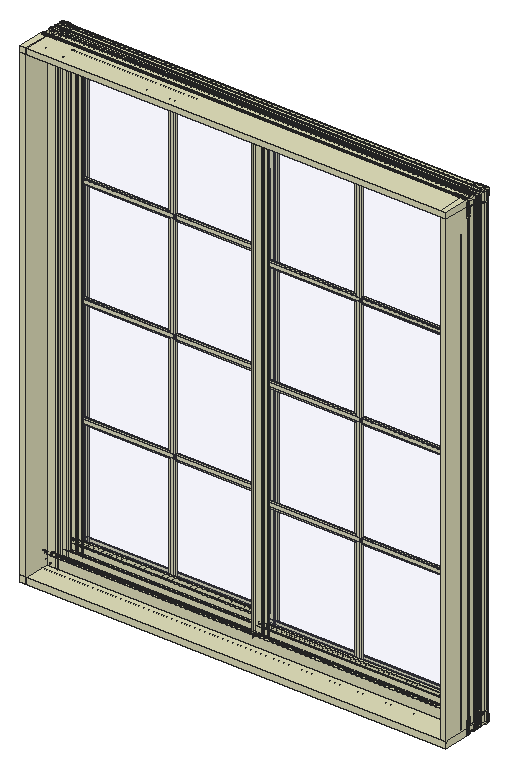
Revit family (continued)
Dimensions and locks (in)
  aligned and locked: plane 11 "Left Sash" to Sweep 8 sketch curve
  aligned and locked: plane 58 to Sweep 8 sketch curve
  aligned and locked: plane 12 "Right Sash" to Sweep 22 sketch curve
  aligned and locked: plane 57 to Sweep 22 sketch curve
  aligned and locked: plane 12 "Right Sash" to Sweep 23 sketch curve
  aligned and locked: plane 58 to Sweep 6 sketch curve
  aligned and locked: plane 11 "Left Sash" to Sweep 9 sketch curve
  aligned and locked: plane 58 to Sweep 9 sketch curve
  aligned and locked: plane 57 to Sweep 23 sketch curve
  aligned and locked: plane 12 "Right Sash" to Sweep 21 sketch curve
  aligned and locked: plane 57 to Sweep 21 sketch curve
  aligned and locked: Extrusion 41 sketch curve to plane 137
  aligned and locked: plane 134 to Extrusion 41 sketch curve
  aligned and locked: plane 136 to Extrusion 41 sketch curve
  aligned and locked: plane 135 to Extrusion 41 sketch curve
  aligned and locked: Extrusion 41 to plane 55
  aligned and locked: Extrusion 42 sketch curve to plane 141
  aligned and locked: plane 138 to Extrusion 42 sketch curve
  aligned and locked: plane 140 to Extrusion 42 sketch curve
  aligned and locked: plane 139 to Extrusion 42 sketch curve
  aligned and locked: Extrusion 42 to plane 53
  aligned and locked: Extrusion 43 sketch curve to plane 142
  aligned and locked: plane 143 to Extrusion 43 sketch curve
  aligned and locked: Extrusion 43 sketch curve to plane 144
  aligned and locked: Extrusion 43 sketch curve to plane 145
  aligned and locked: plane 21 "Glazing Exterior - Interior" to Extrusion 43
  aligned and locked: Extrusion 44 sketch curve to plane 146
  aligned and locked: plane 147 to Extrusion 44 sketch curve
  aligned and locked: Extrusion 44 sketch curve to plane 148
  aligned and locked: Extrusion 44 sketch curve to plane 149
  aligned and locked: Extrusion 44 to plane 23 "Glazing Interior - Interior"
Automatic sketch dimensions
  Opening 1 sketch curve to plane 3 "Left" = 0' - 0"
  Opening 1 sketch curve to plane 4 "Right" = 0' - 0"
  Opening 1 sketch curve to plane 5 "Sill" = 0' - 0"
  Opening 1 sketch curve to plane 6 "Head" = 0' - 0"
  Sweep 1 sketch curve to plane 5 "Sill" = 0' - 0"
  Sweep 1 sketch curve to plane 6 "Head" = 0' - 0"
  Sweep 1 sketch curve to Sweep 1 sketch curve = 0' - 0"  (x34)
  Sweep 1 sketch curve to profile plane = 0' - 0"  (x3)
  profile plane to Sweep 1 sketch curve = 0' - 0.02"  (x2)
  profile plane to Sweep 1 sketch curve = 0' - 0.025"
  profile plane to Sweep 1 sketch curve = 0' - 0.03318"  (x2)
  profile plane to Sweep 1 sketch curve = 0' - 0.03511"
  Sweep 1 sketch curve to Sweep 1 sketch curve = 0' - 0.00597"
  profile plane to Sweep 1 sketch curve = 0' - 0.04108"
  profile plane to Sweep 1 sketch curve = 0' - 0.045"  (x2)
  Sweep 1 sketch curve to Sweep 1 sketch curve = 0' - 0.028"  (x3)
  profile plane to Sweep 1 sketch curve = 0' - 0.05"  (x2)
  Sweep 1 sketch curve to Sweep 1 sketch curve = 0' - 0.002"  (x2)
  Sweep 1 sketch curve to Sweep 1 sketch curve = 0' - 0.004"  (x2)
  Sweep 1 sketch curve to Sweep 1 sketch curve = 0' - 0.03182"  (x2)
  Sweep 1 sketch curve to Sweep 1 sketch curve = 0' - 0.015"
  profile plane to Sweep 1 sketch curve = 0' - 0.095"  (x3)
  Sweep 1 sketch curve to Sweep 1 sketch curve = 0' - 0.045"  (x8)
  Sweep 1 sketch curve to Sweep 1 sketch curve = 0' - 0.06392"  (x2)
  Sweep 1 sketch curve to Sweep 1 sketch curve = 0' - 0 1/256"  (x2)
  profile plane to Sweep 1 sketch curve = 0' - 0.11339"
  Sweep 1 sketch curve to Sweep 1 sketch curve = 0' - 0.0185"
  Sweep 1 sketch curve to Sweep 1 sketch curve = 0' - 0.05"  (x5)
  Sweep 1 sketch curve to Sweep 1 sketch curve = 0' - 0.055"  (x2)
  Sweep 1 sketch curve to Sweep 1 sketch curve = 0' - 0.02"  (x5)
  Sweep 1 sketch curve to Sweep 1 sketch curve = 0' - 0.07"  (x5)
  Sweep 1 sketch curve to Sweep 1 sketch curve = 0' - 0.503"
  plane 10 "Set Back" to Sweep 1 sketch curve = 0' - 0.09498"
  Sweep 1 sketch curve to Sweep 1 sketch curve = 0' - 0.58061"
  Sweep 1 sketch curve to plane 10 "Set Back" = 0' - 0"
  Sweep 1 sketch curve to Sweep 1 sketch curve = 0' - 0.01918"
  Sweep 1 sketch curve to Sweep 1 sketch curve = 0' - 0.02428"
  Sweep 1 sketch curve to Sweep 1 sketch curve = 0' - 0.03661"  (x2)
  Sweep 1 sketch curve to Sweep 1 sketch curve = 0' - 0.04333"
  Sweep 1 sketch curve to Sweep 1 sketch curve = 0' - 0.08839"  (x2)
  Sweep 1 sketch curve to Sweep 1 sketch curve = 0' - 0.09745"
  Sweep 1 sketch curve to Sweep 1 sketch curve = 0' - 0.01654"  (x2)
  Sweep 1 sketch curve to Sweep 1 sketch curve = 0' - 0.02032"
  Sweep 1 sketch curve to Sweep 1 sketch curve = 0' - 0.02085"
  Sweep 1 sketch curve to Sweep 1 sketch curve = 0' - 0.0255"  (x2)
  Sweep 1 sketch curve to Sweep 1 sketch curve = 0' - 0.03292"  (x2)
  Sweep 1 sketch curve to Sweep 1 sketch curve = 0' - 0.00055"  (x2)
  Sweep 1 sketch curve to Sweep 1 sketch curve = 0' - 0.02055"  (x2)
  Sweep 1 sketch curve to Sweep 1 sketch curve = 0' - 0.01"  (x2)
  Sweep 1 sketch curve to Sweep 1 sketch curve = 0' - 0.06016"  (x2)
  Sweep 1 sketch curve to Sweep 1 sketch curve = 0' - 0.035"  (x2)
  Sweep 1 sketch curve to Sweep 1 sketch curve = 0' - 0.02784"
  Sweep 1 sketch curve to Sweep 1 sketch curve = 0' - 0.26915"
  Sweep 1 sketch curve to Sweep 1 sketch curve = 0' - 0.05167"
  Sweep 1 sketch curve to Sweep 1 sketch curve = 0' - 0.00119"
  Sweep 1 sketch curve to Sweep 1 sketch curve = 0' - 0.01714"
  Sweep 1 sketch curve to Sweep 1 sketch curve = 0' - 0.094"
  Sweep 1 sketch curve to Sweep 1 sketch curve = 0' - 0.27984"
  Sweep 1 sketch curve to Sweep 1 sketch curve = 0' - 0.04496"
  Sweep 1 sketch curve to Sweep 1 sketch curve = 0' - 0.06993"
  Sweep 1 sketch curve to Sweep 1 sketch curve = 0' - 0.00011"
  Sweep 1 sketch curve to Sweep 1 sketch curve = 0' - 0.0299"  (x2)
  Sweep 1 sketch curve to Sweep 1 sketch curve = 0' - 0.11021"
  Sweep 1 sketch curve to Sweep 1 sketch curve = 0' - 0.383"
  Sweep 1 sketch curve to Sweep 1 sketch curve = 0' - 0.16011"
  Sweep 1 sketch curve to Sweep 1 sketch curve = 0' - 0.01368"
  Sweep 1 sketch curve to Sweep 1 sketch curve = 0' - 0.03998"
  Sweep 1 sketch curve to Sweep 1 sketch curve = 0' - 0.0275"
  Sweep 1 sketch curve to Sweep 1 sketch curve = 0' - 0.02752"
  plane 10 "Set Back" to Sweep 1 sketch curve = 0' - 0.04999"
  plane 10 "Set Back" to Sweep 1 sketch curve = 0' - 0.05186"
  Sweep 1 sketch curve to Sweep 1 sketch curve = 0' - 0.185"  (x2)
  Sweep 1 sketch curve to Sweep 1 sketch curve = 0' - 0.338"
  Sweep 1 sketch curve to Sweep 1 sketch curve = 0' - 0.37122"
  Sweep 1 sketch curve to Sweep 1 sketch curve = 0' - 0.08021"
  Sweep 1 sketch curve to Sweep 1 sketch curve = 0' - 0.01336"  (x2)
  Sweep 1 sketch curve to Sweep 1 sketch curve = 0' - 0.34"
  Sweep 1 sketch curve to Sweep 1 sketch curve = 0' - 0.047"
  Sweep 1 sketch curve to Sweep 1 sketch curve = 0' - 0.19"
  Sweep 1 sketch curve to Sweep 1 sketch curve = 0' - 0.35014"
  Sweep 1 sketch curve to Sweep 1 sketch curve = 0' - 0.027"
  Sweep 1 sketch curve to Sweep 1 sketch curve = 0' - 0.00938"
  Sweep 1 sketch curve to Sweep 1 sketch curve = 0' - 0.02127"
  Sweep 1 sketch curve to Sweep 1 sketch curve = 0' - 0.09032"
  Sweep 1 sketch curve to Sweep 1 sketch curve = 0' - 0.03915"
  Sweep 1 sketch curve to Sweep 1 sketch curve = 0' - 0.05036"
  Sweep 1 sketch curve to Sweep 1 sketch curve = 0' - 0.00152"
  Sweep 1 sketch curve to Sweep 1 sketch curve = 0' - 0.06753"
  Sweep 1 sketch curve to Sweep 1 sketch curve = 0' - 0.00594"
  Sweep 1 sketch curve to Sweep 1 sketch curve = 0' - 0 5/8"
  Sweep 1 sketch curve to Sweep 1 sketch curve = 0' - 0.005"  (x3)
  Sweep 1 sketch curve to Sweep 1 sketch curve = 0' - 0.58164"
  Sweep 1 sketch curve to Sweep 1 sketch curve = 0' - 0.04411"
  Sweep 1 sketch curve to Sweep 1 sketch curve = 0' - 0.03474"
  Sweep 1 sketch curve to Sweep 1 sketch curve = 0' - 0.03"  (x2)
  Sweep 1 sketch curve to Sweep 1 sketch curve = 0' - 0.0175"
  Sweep 1 sketch curve to Sweep 1 sketch curve = 0' - 0.0025"
  Sweep 2 sketch curve to plane 5 "Sill" = 0' - 0"
  Sweep 2 sketch curve to plane 6 "Head" = 0' - 0"
  Sweep 2 sketch curve to Sweep 2 sketch curve = 0' - 0"  (x34)
  Sweep 2 sketch curve to profile plane = 0' - 0"  (x3)
  Sweep 2 sketch curve to profile plane = 0' - 0.02"  (x2)
  Sweep 2 sketch curve to profile plane = 0' - 0.025"
  Sweep 2 sketch curve to profile plane = 0' - 0.03318"  (x2)
  Sweep 2 sketch curve to profile plane = 0' - 0.03511"
  Sweep 2 sketch curve to profile plane = 0' - 0.04108"
  Sweep 2 sketch curve to Sweep 2 sketch curve = 0' - 0.00597"
  Sweep 2 sketch curve to Sweep 2 sketch curve = 0' - 0.045"  (x10)
  Sweep 2 sketch curve to Sweep 2 sketch curve = 0' - 0 1/256"  (x3)
  Sweep 2 sketch curve to Sweep 2 sketch curve = 0' - 0.028"  (x3)
  Sweep 2 sketch curve to Sweep 2 sketch curve = 0' - 0.05"  (x8)
  Sweep 2 sketch curve to Sweep 2 sketch curve = 0' - 0.002"  (x2)
  Sweep 2 sketch curve to Sweep 2 sketch curve = 0' - 0.004"  (x2)
  Sweep 2 sketch curve to Sweep 2 sketch curve = 0' - 0.03182"  (x2)
  Sweep 2 sketch curve to Sweep 2 sketch curve = 0' - 0.015"
  Sweep 2 sketch curve to profile plane = 0' - 0.095"  (x3)
  Sweep 2 sketch curve to plane 10 "Set Back" = 0' - 0"
  Sweep 2 sketch curve to Sweep 2 sketch curve = 0' - 0.06392"  (x2)
  Sweep 2 sketch curve to profile plane = 0' - 0.11339"
  Sweep 2 sketch curve to Sweep 2 sketch curve = 0' - 0.0185"
  Sweep 2 sketch curve to Sweep 2 sketch curve = 0' - 0.02"  (x5)
  Sweep 2 sketch curve to Sweep 2 sketch curve = 0' - 0.055"  (x2)
  Sweep 2 sketch curve to Sweep 2 sketch curve = 0' - 0.07"  (x5)
  Sweep 2 sketch curve to Sweep 2 sketch curve = 0' - 0.503"
  Sweep 2 sketch curve to Sweep 2 sketch curve = 0' - 0.58061"
  Sweep 2 sketch curve to Sweep 2 sketch curve = 0' - 0.01918"
  Sweep 2 sketch curve to Sweep 2 sketch curve = 0' - 0.02428"
  Sweep 2 sketch curve to Sweep 2 sketch curve = 0' - 0.03661"  (x2)
  Sweep 2 sketch curve to Sweep 2 sketch curve = 0' - 0.04333"
  Sweep 2 sketch curve to Sweep 2 sketch curve = 0' - 0.08839"
  Sweep 2 sketch curve to Sweep 2 sketch curve = 0' - 0.05412"
  Sweep 2 sketch curve to Sweep 2 sketch curve = 0' - 0.01654"  (x2)
  Sweep 2 sketch curve to Sweep 2 sketch curve = 0' - 0.02032"
  Sweep 2 sketch curve to Sweep 2 sketch curve = 0' - 0.02085"
  Sweep 2 sketch curve to Sweep 2 sketch curve = 0' - 0.0255"  (x2)
  Sweep 2 sketch curve to Sweep 2 sketch curve = 0' - 0.03292"  (x2)
  Sweep 2 sketch curve to Sweep 2 sketch curve = 0' - 0.00055"  (x2)
  Sweep 2 sketch curve to Sweep 2 sketch curve = 0' - 0.02055"  (x2)
  Sweep 2 sketch curve to Sweep 2 sketch curve = 0' - 0.01"  (x3)
  Sweep 2 sketch curve to Sweep 2 sketch curve = 0' - 0.06016"  (x2)
  Sweep 2 sketch curve to Sweep 2 sketch curve = 0' - 0.035"  (x2)
  Sweep 2 sketch curve to Sweep 2 sketch curve = 0' - 0.02784"
  Sweep 2 sketch curve to Sweep 2 sketch curve = 0' - 0.26915"
  Sweep 2 sketch curve to Sweep 2 sketch curve = 0' - 0.05167"
  Sweep 2 sketch curve to Sweep 2 sketch curve = 0' - 0.00119"
  Sweep 2 sketch curve to Sweep 2 sketch curve = 0' - 0.01714"
  Sweep 2 sketch curve to Sweep 2 sketch curve = 0' - 0.094"
  Sweep 2 sketch curve to Sweep 2 sketch curve = 0' - 0.27984"
  Sweep 2 sketch curve to Sweep 2 sketch curve = 0' - 0.04496"
  Sweep 2 sketch curve to Sweep 2 sketch curve = 0' - 0.06993"
  Sweep 2 sketch curve to Sweep 2 sketch curve = 0' - 0.00011"
  Sweep 2 sketch curve to Sweep 2 sketch curve = 0' - 0.0299"
  Sweep 2 sketch curve to Sweep 2 sketch curve = 0' - 0.11021"
  Sweep 2 sketch curve to Sweep 2 sketch curve = 0' - 0.16011"
  Sweep 2 sketch curve to Sweep 2 sketch curve = 0' - 0.383"
  Sweep 2 sketch curve to Sweep 2 sketch curve = 0' - 0.01368"
  Sweep 2 sketch curve to Sweep 2 sketch curve = 0' - 0.03998"
  Sweep 2 sketch curve to Sweep 2 sketch curve = 0' - 0.0275"
  plane 10 "Set Back" to Sweep 2 sketch curve = 0' - 0.04999"
  plane 10 "Set Back" to Sweep 2 sketch curve = 0' - 0.05186"
  Sweep 2 sketch curve to Sweep 2 sketch curve = 0' - 0 7/256"
  Sweep 2 sketch curve to Sweep 2 sketch curve = 0' - 0.185"  (x2)
  Sweep 2 sketch curve to Sweep 2 sketch curve = 0' - 0.338"
  Sweep 2 sketch curve to Sweep 2 sketch curve = 0' - 0.37122"
  Sweep 2 sketch curve to Sweep 2 sketch curve = 0' - 0.08021"
  Sweep 2 sketch curve to Sweep 2 sketch curve = 0' - 0.01336"  (x2)
  Sweep 2 sketch curve to Sweep 2 sketch curve = 0' - 0.34"
  Sweep 2 sketch curve to Sweep 2 sketch curve = 0' - 0.047"
  Sweep 2 sketch curve to Sweep 2 sketch curve = 0' - 0.19"
  Sweep 2 sketch curve to Sweep 2 sketch curve = 0' - 0.35014"
  Sweep 2 sketch curve to Sweep 2 sketch curve = 0' - 0.027"
  Sweep 2 sketch curve to Sweep 2 sketch curve = 0' - 0.00938"
  Sweep 2 sketch curve to Sweep 2 sketch curve = 0' - 0.02127"
  Sweep 2 sketch curve to Sweep 2 sketch curve = 0' - 0.09032"
  Sweep 2 sketch curve to Sweep 2 sketch curve = 0' - 0.03915"
  Sweep 2 sketch curve to Sweep 2 sketch curve = 0' - 0.05036"
  Sweep 2 sketch curve to Sweep 2 sketch curve = 0' - 0.00152"
  Sweep 2 sketch curve to Sweep 2 sketch curve = 0' - 0.06753"
  Sweep 2 sketch curve to Sweep 2 sketch curve = 0' - 0.00594"
  Sweep 2 sketch curve to Sweep 2 sketch curve = 0' - 0 5/8"
  Sweep 2 sketch curve to Sweep 2 sketch curve = 0' - 0.005"  (x3)
  Sweep 2 sketch curve to Sweep 2 sketch curve = 0' - 0.58164"
  Sweep 2 sketch curve to Sweep 2 sketch curve = 0' - 0.04411"
  Sweep 2 sketch curve to Sweep 2 sketch curve = 0' - 0.03474"
  Sweep 2 sketch curve to Sweep 2 sketch curve = 0' - 0.03"  (x2)
  Sweep 2 sketch curve to Sweep 2 sketch curve = 0' - 0.0175"
  Sweep 2 sketch curve to Sweep 2 sketch curve = 0' - 0.0025"
  Sweep 3 sketch curve to plane 3 "Left" = 0' - 0"
  Sweep 3 sketch curve to plane 4 "Right" = 0' - 0"
  Sweep 3 sketch curve to Sweep 3 sketch curve = 0' - 0"  (x34)
  Sweep 3 sketch curve to profile plane = 0' - 0"  (x3)
  Sweep 3 sketch curve to profile plane = 0' - 0.02"  (x2)
  Sweep 3 sketch curve to profile plane = 0' - 0.025"
  Sweep 3 sketch curve to profile plane = 0' - 0.03318"  (x2)
  Sweep 3 sketch curve to profile plane = 0' - 0.03511"
  Sweep 3 sketch curve to profile plane = 0' - 0.04108"
  Sweep 3 sketch curve to Sweep 3 sketch curve = 0' - 0.00597"
  Sweep 3 sketch curve to profile plane = 0' - 0.045"  (x2)
  Sweep 3 sketch curve to Sweep 3 sketch curve = 0' - 0.028"  (x3)
  Sweep 3 sketch curve to profile plane = 0' - 0.05"  (x2)
  Sweep 3 sketch curve to Sweep 3 sketch curve = 0' - 0.002"  (x2)
  Sweep 3 sketch curve to Sweep 3 sketch curve = 0' - 0.004"  (x2)
  Sweep 3 sketch curve to Sweep 3 sketch curve = 0' - 0.045"  (x10)
  Sweep 3 sketch curve to Sweep 3 sketch curve = 0' - 0.03182"
  Sweep 3 sketch curve to Sweep 3 sketch curve = 0' - 0.015"
  Sweep 3 sketch curve to profile plane = 0' - 0.095"  (x3)
  Sweep 3 sketch curve to plane 10 "Set Back" = 0' - 0"
  Sweep 3 sketch curve to Sweep 3 sketch curve = 0' - 0.06392"  (x2)
  Sweep 3 sketch curve to Sweep 3 sketch curve = 0' - 0 1/256"  (x2)
  Sweep 3 sketch curve to profile plane = 0' - 0.11339"
  Sweep 3 sketch curve to Sweep 3 sketch curve = 0' - 0.0185"
  Sweep 3 sketch curve to Sweep 3 sketch curve = 0' - 0.05"  (x6)
  Sweep 3 sketch curve to Sweep 3 sketch curve = 0' - 0.02"  (x5)
  Sweep 3 sketch curve to Sweep 3 sketch curve = 0' - 0.055"  (x2)
  Sweep 3 sketch curve to Sweep 3 sketch curve = 0' - 0.07"  (x5)
  Sweep 3 sketch curve to Sweep 3 sketch curve = 0' - 0.503"
  Sweep 3 sketch curve to Sweep 3 sketch curve = 0' - 0.58061"
  Sweep 3 sketch curve to Sweep 3 sketch curve = 0' - 0.01918"
  Sweep 3 sketch curve to Sweep 3 sketch curve = 0' - 0.02428"
  Sweep 3 sketch curve to Sweep 3 sketch curve = 0' - 0.03661"  (x2)
  Sweep 3 sketch curve to Sweep 3 sketch curve = 0' - 0.04333"
  Sweep 3 sketch curve to Sweep 3 sketch curve = 0' - 0.08839"
  Sweep 3 sketch curve to Sweep 3 sketch curve = 0' - 0.05412"
  Sweep 3 sketch curve to Sweep 3 sketch curve = 0' - 0.01654"  (x2)
  Sweep 3 sketch curve to Sweep 3 sketch curve = 0' - 0.02032"
  Sweep 3 sketch curve to Sweep 3 sketch curve = 0' - 0.02085"
  Sweep 3 sketch curve to Sweep 3 sketch curve = 0' - 0.0255"  (x2)
  Sweep 3 sketch curve to Sweep 3 sketch curve = 0' - 0.03292"  (x2)
  Sweep 3 sketch curve to Sweep 3 sketch curve = 0' - 0.00055"  (x2)
  Sweep 3 sketch curve to Sweep 3 sketch curve = 0' - 0.02055"  (x2)
  Sweep 3 sketch curve to Sweep 3 sketch curve = 0' - 0.01"  (x3)
  Sweep 3 sketch curve to Sweep 3 sketch curve = 0' - 0.06016"  (x2)
  Sweep 3 sketch curve to Sweep 3 sketch curve = 0' - 0.035"  (x2)
  Sweep 3 sketch curve to Sweep 3 sketch curve = 0' - 0.02784"
  Sweep 3 sketch curve to Sweep 3 sketch curve = 0' - 0.26915"
  Sweep 3 sketch curve to Sweep 3 sketch curve = 0' - 0.05167"
  Sweep 3 sketch curve to Sweep 3 sketch curve = 0' - 0.00119"
  Sweep 3 sketch curve to Sweep 3 sketch curve = 0' - 0.01714"
  Sweep 3 sketch curve to Sweep 3 sketch curve = 0' - 0.094"
  Sweep 3 sketch curve to Sweep 3 sketch curve = 0' - 0.27984"
  Sweep 3 sketch curve to Sweep 3 sketch curve = 0' - 0.04496"
  Sweep 3 sketch curve to Sweep 3 sketch curve = 0' - 0.06993"
  Sweep 3 sketch curve to Sweep 3 sketch curve = 0' - 0.00011"
  Sweep 3 sketch curve to Sweep 3 sketch curve = 0' - 0.0299"
  Sweep 3 sketch curve to Sweep 3 sketch curve = 0' - 0.11021"
  Sweep 3 sketch curve to Sweep 3 sketch curve = 0' - 0.16011"
  Sweep 3 sketch curve to Sweep 3 sketch curve = 0' - 0.383"
  Sweep 3 sketch curve to Sweep 3 sketch curve = 0' - 0.01368"
  Sweep 3 sketch curve to Sweep 3 sketch curve = 0' - 0.03998"
  Sweep 3 sketch curve to Sweep 3 sketch curve = 0' - 0.0275"
  plane 10 "Set Back" to Sweep 3 sketch curve = 0' - 0.04999"
  plane 10 "Set Back" to Sweep 3 sketch curve = 0' - 0.05186"
  Sweep 3 sketch curve to Sweep 3 sketch curve = 0' - 0 7/256"
  Sweep 3 sketch curve to Sweep 3 sketch curve = 0' - 0.185"  (x2)
  Sweep 3 sketch curve to Sweep 3 sketch curve = 0' - 0.338"
  Sweep 3 sketch curve to Sweep 3 sketch curve = 0' - 0.37122"
  Sweep 3 sketch curve to Sweep 3 sketch curve = 0' - 0.08021"
  Sweep 3 sketch curve to Sweep 3 sketch curve = 0' - 0.01336"  (x2)
  Sweep 3 sketch curve to Sweep 3 sketch curve = 0' - 0.34"
  Sweep 3 sketch curve to Sweep 3 sketch curve = 0' - 0.047"
  Sweep 3 sketch curve to Sweep 3 sketch curve = 0' - 0.19"
  Sweep 3 sketch curve to Sweep 3 sketch curve = 0' - 0.35014"
  Sweep 3 sketch curve to Sweep 3 sketch curve = 0' - 0.027"
  Sweep 3 sketch curve to Sweep 3 sketch curve = 0' - 0.00938"
  Sweep 3 sketch curve to Sweep 3 sketch curve = 0' - 0.02127"
  Sweep 3 sketch curve to Sweep 3 sketch curve = 0' - 0.09032"
  Sweep 3 sketch curve to Sweep 3 sketch curve = 0' - 0.03915"
  Sweep 3 sketch curve to Sweep 3 sketch curve = 0' - 0.05036"
  Sweep 3 sketch curve to Sweep 3 sketch curve = 0' - 0.00152"
  Sweep 3 sketch curve to Sweep 3 sketch curve = 0' - 0.06753"
  Sweep 3 sketch curve to Sweep 3 sketch curve = 0' - 0.00594"
  Sweep 3 sketch curve to Sweep 3 sketch curve = 0' - 0 5/8"
  Sweep 3 sketch curve to Sweep 3 sketch curve = 0' - 0.005"  (x3)
  Sweep 3 sketch curve to Sweep 3 sketch curve = 0' - 0.58164"
  Sweep 3 sketch curve to Sweep 3 sketch curve = 0' - 0.04411"
  Sweep 3 sketch curve to Sweep 3 sketch curve = 0' - 0.03474"
  Sweep 3 sketch curve to Sweep 3 sketch curve = 0' - 0.03"  (x2)
  Sweep 3 sketch curve to Sweep 3 sketch curve = 0' - 0.0175"
  Sweep 3 sketch curve to Sweep 3 sketch curve = 0' - 0.0025"
  Sweep 4 sketch curve to plane 3 "Left" = 0' - 0"
  Sweep 4 sketch curve to plane 4 "Right" = 0' - 0"
  Sweep 4 sketch curve to Sweep 4 sketch curve = 0' - 0"  (x34)
  Sweep 4 sketch curve to profile plane = 0' - 0"  (x3)
  profile plane to Sweep 4 sketch curve = 0' - 0.02"  (x2)
  profile plane to Sweep 4 sketch curve = 0' - 0.025"
  profile plane to Sweep 4 sketch curve = 0' - 0.03318"  (x2)
  profile plane to Sweep 4 sketch curve = 0' - 0.03511"
  Sweep 4 sketch curve to Sweep 4 sketch curve = 0' - 0.00597"
  profile plane to Sweep 4 sketch curve = 0' - 0.04108"
  Sweep 4 sketch curve to Sweep 4 sketch curve = 0' - 0 1/256"  (x3)
  Sweep 4 sketch curve to Sweep 4 sketch curve = 0' - 0.045"  (x9)
  Sweep 4 sketch curve to Sweep 4 sketch curve = 0' - 0.028"  (x3)
  Sweep 4 sketch curve to Sweep 4 sketch curve = 0' - 0.05"  (x7)
  Sweep 4 sketch curve to Sweep 4 sketch curve = 0' - 0.002"  (x2)
  Sweep 4 sketch curve to Sweep 4 sketch curve = 0' - 0.004"  (x2)
  Sweep 4 sketch curve to Sweep 4 sketch curve = 0' - 0.03182"  (x2)
  Sweep 4 sketch curve to Sweep 4 sketch curve = 0' - 0.015"
  profile plane to Sweep 4 sketch curve = 0' - 0.095"  (x3)
  Sweep 4 sketch curve to Sweep 4 sketch curve = 0' - 0.06392"  (x2)
  profile plane to Sweep 4 sketch curve = 0' - 0.11339"
  Sweep 4 sketch curve to Sweep 4 sketch curve = 0' - 0.0185"
  Sweep 4 sketch curve to Sweep 4 sketch curve = 0' - 0.055"  (x2)
  Sweep 4 sketch curve to Sweep 4 sketch curve = 0' - 0.02"  (x5)
  Sweep 4 sketch curve to Sweep 4 sketch curve = 0' - 0.07"  (x5)
  Sweep 4 sketch curve to Sweep 4 sketch curve = 0' - 0.503"
  plane 10 "Set Back" to Sweep 4 sketch curve = 0' - 0.09498"
  Sweep 4 sketch curve to Sweep 4 sketch curve = 0' - 0.58061"
  Sweep 4 sketch curve to plane 10 "Set Back" = 0' - 0"
  Sweep 4 sketch curve to Sweep 4 sketch curve = 0' - 0.01918"
  Sweep 4 sketch curve to Sweep 4 sketch curve = 0' - 0.02428"
  Sweep 4 sketch curve to Sweep 4 sketch curve = 0' - 0.03661"  (x2)
  Sweep 4 sketch curve to Sweep 4 sketch curve = 0' - 0.04333"
  Sweep 4 sketch curve to Sweep 4 sketch curve = 0' - 0.08839"  (x2)
  Sweep 4 sketch curve to Sweep 4 sketch curve = 0' - 0.09745"
  Sweep 4 sketch curve to Sweep 4 sketch curve = 0' - 0.01654"  (x2)
  Sweep 4 sketch curve to Sweep 4 sketch curve = 0' - 0.02032"
  Sweep 4 sketch curve to Sweep 4 sketch curve = 0' - 0.02085"
  Sweep 4 sketch curve to Sweep 4 sketch curve = 0' - 0.0255"  (x2)
  Sweep 4 sketch curve to Sweep 4 sketch curve = 0' - 0.03292"  (x2)
  Sweep 4 sketch curve to Sweep 4 sketch curve = 0' - 0.00055"  (x2)
  Sweep 4 sketch curve to Sweep 4 sketch curve = 0' - 0.02055"  (x2)
  Sweep 4 sketch curve to Sweep 4 sketch curve = 0' - 0.01"  (x2)
  Sweep 4 sketch curve to Sweep 4 sketch curve = 0' - 0.06016"  (x2)
  Sweep 4 sketch curve to Sweep 4 sketch curve = 0' - 0.035"  (x2)
  Sweep 4 sketch curve to Sweep 4 sketch curve = 0' - 0.02784"
  Sweep 4 sketch curve to Sweep 4 sketch curve = 0' - 0.26915"
  Sweep 4 sketch curve to Sweep 4 sketch curve = 0' - 0.05167"
  Sweep 4 sketch curve to Sweep 4 sketch curve = 0' - 0.00119"
  Sweep 4 sketch curve to Sweep 4 sketch curve = 0' - 0.01714"
  Sweep 4 sketch curve to Sweep 4 sketch curve = 0' - 0.094"
  Sweep 4 sketch curve to Sweep 4 sketch curve = 0' - 0.27984"
  Sweep 4 sketch curve to Sweep 4 sketch curve = 0' - 0.04496"
  Sweep 4 sketch curve to Sweep 4 sketch curve = 0' - 0.06993"
  Sweep 4 sketch curve to Sweep 4 sketch curve = 0' - 0.00011"
  Sweep 4 sketch curve to Sweep 4 sketch curve = 0' - 0.0299"  (x2)
  Sweep 4 sketch curve to Sweep 4 sketch curve = 0' - 0.11021"
  Sweep 4 sketch curve to Sweep 4 sketch curve = 0' - 0.383"
  Sweep 4 sketch curve to Sweep 4 sketch curve = 0' - 0.16011"
  Sweep 4 sketch curve to Sweep 4 sketch curve = 0' - 0.01368"
  Sweep 4 sketch curve to Sweep 4 sketch curve = 0' - 0.03998"
  Sweep 4 sketch curve to Sweep 4 sketch curve = 0' - 0.0275"
  Sweep 4 sketch curve to Sweep 4 sketch curve = 0' - 0.02752"
  plane 10 "Set Back" to Sweep 4 sketch curve = 0' - 0.04999"
  plane 10 "Set Back" to Sweep 4 sketch curve = 0' - 0.05186"
  Sweep 4 sketch curve to Sweep 4 sketch curve = 0' - 0.185"  (x2)
  Sweep 4 sketch curve to Sweep 4 sketch curve = 0' - 0.338"
  Sweep 4 sketch curve to Sweep 4 sketch curve = 0' - 0.37122"
  Sweep 4 sketch curve to Sweep 4 sketch curve = 0' - 0.08021"
  Sweep 4 sketch curve to Sweep 4 sketch curve = 0' - 0.01336"  (x2)
  Sweep 4 sketch curve to Sweep 4 sketch curve = 0' - 0.34"
  Sweep 4 sketch curve to Sweep 4 sketch curve = 0' - 0.047"
  Sweep 4 sketch curve to Sweep 4 sketch curve = 0' - 0.19"
  Sweep 4 sketch curve to Sweep 4 sketch curve = 0' - 0.35014"
  Sweep 4 sketch curve to Sweep 4 sketch curve = 0' - 0.027"
  Sweep 4 sketch curve to Sweep 4 sketch curve = 0' - 0.00938"
  Sweep 4 sketch curve to Sweep 4 sketch curve = 0' - 0.02127"
  Sweep 4 sketch curve to Sweep 4 sketch curve = 0' - 0.09032"
  Sweep 4 sketch curve to Sweep 4 sketch curve = 0' - 0.03915"
  Sweep 4 sketch curve to Sweep 4 sketch curve = 0' - 0.05036"
  Sweep 4 sketch curve to Sweep 4 sketch curve = 0' - 0.00152"
  Sweep 4 sketch curve to Sweep 4 sketch curve = 0' - 0.06753"
  Sweep 4 sketch curve to Sweep 4 sketch curve = 0' - 0.00594"
  Sweep 4 sketch curve to Sweep 4 sketch curve = 0' - 0 5/8"
  Sweep 4 sketch curve to Sweep 4 sketch curve = 0' - 0.005"  (x3)
  Sweep 4 sketch curve to Sweep 4 sketch curve = 0' - 0.58164"
  Sweep 4 sketch curve to Sweep 4 sketch curve = 0' - 0.04411"
  Sweep 4 sketch curve to Sweep 4 sketch curve = 0' - 0.03474"
  Sweep 4 sketch curve to Sweep 4 sketch curve = 0' - 0.03"  (x2)
  Sweep 4 sketch curve to Sweep 4 sketch curve = 0' - 0.0175"
  Sweep 4 sketch curve to Sweep 4 sketch curve = 0' - 0.0025"
  Sweep 5 sketch curve to Sweep 5 sketch curve = 0' - 0"  (x6)
  profile plane to Sweep 5 sketch curve = 0' - 1.78271"
  Sweep 5 sketch curve to Sweep 5 sketch curve = 0' - 0.01654"
  Sweep 5 sketch curve to Sweep 5 sketch curve = 0' - 0.02248"
  Sweep 5 sketch curve to Sweep 5 sketch curve = 0' - 0.01099"
  Sweep 5 sketch curve to Sweep 5 sketch curve = 0' - 0.02"
  Sweep 5 sketch curve to Sweep 5 sketch curve = 0' - 0.01"  (x2)
  Sweep 5 sketch curve to Sweep 5 sketch curve = 0' - 0.01189"
  Sweep 5 sketch curve to Sweep 5 sketch curve = 0' - 0.39697"
  Sweep 5 sketch curve to Sweep 5 sketch curve = 0' - 0.02914"
  Sweep 5 sketch curve to Sweep 5 sketch curve = 0' - 0.05214"
  Sweep 5 sketch curve to Sweep 5 sketch curve = 0' - 0.045"  (x5)
  Sweep 5 sketch curve to Sweep 5 sketch curve = 0' - 0.0542"
  plane 10 "Set Back" to Sweep 5 sketch curve = 0' - 0.35879"
  Sweep 5 sketch curve to Sweep 5 sketch curve = 0' - 0.0639"
  Sweep 5 sketch curve to Sweep 5 sketch curve = 0' - 0.07"
  Sweep 5 sketch curve to Sweep 5 sketch curve = 0' - 0.00938"
  Sweep 5 sketch curve to Sweep 5 sketch curve = 0' - 0.03372"
  Sweep 5 sketch curve to Sweep 5 sketch curve = 0' - 0.01167"
  Sweep 5 sketch curve to Sweep 5 sketch curve = 0' - 0.00838"
  plane 10 "Set Back" to Sweep 5 sketch curve = 0' - 0.40987"
  Sweep 5 sketch curve to Sweep 5 sketch curve = 0' - 0.04108"
  Sweep 5 sketch curve to Sweep 5 sketch curve = 0' - 0.13703"
  Sweep 5 sketch curve to Sweep 5 sketch curve = 0' - 0.00592"
  plane 10 "Set Back" to Sweep 5 sketch curve = 0' - 0.39736"
  Sweep 5 sketch curve to Sweep 5 sketch curve = 0' - 0.00324"
  plane 10 "Set Back" to Sweep 5 sketch curve = 0' - 0.34155"
  Sweep 5 sketch curve to Sweep 5 sketch curve = 0' - 0.01591"
  Sweep 5 sketch curve to Sweep 5 sketch curve = 0' - 0.0615"
  Sweep 5 sketch curve to Sweep 5 sketch curve = 0' - 0.02759"
  profile plane to Sweep 5 sketch curve = 0' - 0.26375"
  Sweep 5 sketch curve to Sweep 5 sketch curve = 0' - 0.00004"
  profile plane to Sweep 5 sketch curve = 0' - 0.26371"
  Sweep 5 sketch curve to Sweep 5 sketch curve = 0' - 0.05508"
  Sweep 5 sketch curve to Sweep 5 sketch curve = 0' - 0.01092"
  Sweep 5 sketch curve to Sweep 5 sketch curve = 0' - 0.03092"  (x2)
  Sweep 5 sketch curve to Sweep 5 sketch curve = 0' - 0.03237"
  Sweep 5 sketch curve to Sweep 5 sketch curve = 0' - 0.0001"
  Sweep 5 sketch curve to Sweep 5 sketch curve = 0' - 0.03736"
  Sweep 5 sketch curve to Sweep 5 sketch curve = 0' - 0.02705"
  Sweep 5 sketch curve to Sweep 5 sketch curve = 0' - 0.47868"
  Sweep 5 sketch curve to Sweep 5 sketch curve = 0' - 0.011"
  Sweep 5 sketch curve to Sweep 5 sketch curve = 0' - 0.093"
  Sweep 5 sketch curve to Sweep 5 sketch curve = 0' - 0.075"
  Sweep 6 sketch curve to Sweep 6 sketch curve = 0' - 0"  (x7)
  Sweep 6 sketch curve to profile plane = 0' - 0.13271"
  Sweep 6 sketch curve to Sweep 6 sketch curve = 0' - 0.02"  (x2)
  Sweep 6 sketch curve to Sweep 6 sketch curve = 0' - 0.03092"  (x2)
  Sweep 6 sketch curve to Sweep 6 sketch curve = 0' - 0.05508"
  Sweep 6 sketch curve to Sweep 6 sketch curve = 0' - 0.045"  (x5)
  Sweep 6 sketch curve to Sweep 6 sketch curve = 0' - 0.00004"
  plane 10 "Set Back" to Sweep 6 sketch curve = 0' - 0.21538"
  Sweep 6 sketch curve to Sweep 6 sketch curve = 0' - 0.561"
  Sweep 6 sketch curve to Sweep 6 sketch curve = 0' - 0.02759"
  plane 10 "Set Back" to Sweep 6 sketch curve = 0' - 0.34155"
  Sweep 6 sketch curve to Sweep 6 sketch curve = 0' - 0.0615"
  plane 10 "Set Back" to Sweep 6 sketch curve = 0' - 0.39736"
  Sweep 6 sketch curve to Sweep 6 sketch curve = 0' - 0.00676"
  Sweep 6 sketch curve to Sweep 6 sketch curve = 0' - 0.01"  (x2)
  Sweep 6 sketch curve to Sweep 6 sketch curve = 0' - 0.00592"
  Sweep 6 sketch curve to Sweep 6 sketch curve = 0' - 0.13915"  (x2)
  Sweep 6 sketch curve to Sweep 6 sketch curve = 0' - 0 1/256"
  plane 10 "Set Back" to Sweep 6 sketch curve = 0' - 0.23259"
  Sweep 6 sketch curve to Sweep 6 sketch curve = 0' - 0.13703"
  Sweep 6 sketch curve to Sweep 6 sketch curve = 0' - 0.00838"
  Sweep 6 sketch curve to Sweep 6 sketch curve = 0' - 0.01167"
  Sweep 6 sketch curve to Sweep 6 sketch curve = 0' - 0.03562"
  plane 10 "Set Back" to Sweep 6 sketch curve = 0' - 0.35879"
  Sweep 6 sketch curve to Sweep 6 sketch curve = 0' - 0.04718"
  Sweep 6 sketch curve to Sweep 6 sketch curve = 0' - 0.03372"
  Sweep 6 sketch curve to Sweep 6 sketch curve = 0' - 0.07938"
  Sweep 6 sketch curve to Sweep 6 sketch curve = 0' - 0.10138"
  Sweep 6 sketch curve to Sweep 6 sketch curve = 0' - 0.05214"
  Sweep 6 sketch curve to Sweep 6 sketch curve = 0' - 0.39697"
  Sweep 6 sketch curve to Sweep 6 sketch curve = 0' - 0.01189"
  Sweep 6 sketch curve to Sweep 6 sketch curve = 0' - 0.01099"
  Sweep 6 sketch curve to Sweep 6 sketch curve = 0' - 0.03346"
  Sweep 6 sketch curve to Sweep 6 sketch curve = 0' - 0.01654"
  Sweep 6 sketch curve to Sweep 6 sketch curve = 0' - 0.02705"
  Sweep 6 sketch curve to Sweep 6 sketch curve = 0' - 0.03736"
  Sweep 6 sketch curve to Sweep 6 sketch curve = 0' - 0.01865"
  Sweep 6 sketch curve to Sweep 6 sketch curve = 0' - 0.47868"
  Sweep 6 sketch curve to Sweep 6 sketch curve = 0' - 0.011"
  Sweep 6 sketch curve to Sweep 6 sketch curve = 0' - 0.093"
  Sweep 6 sketch curve to Sweep 6 sketch curve = 0' - 0.075"
  Sweep 7 sketch curve to plane 16 "Sill (Interior)" = 0' - 0"
  Sweep 7 sketch curve to plane 15 "Head (Interior)" = 0' - 0"
  Sweep 7 sketch curve to Sweep 7 sketch curve = 0' - 0"  (x4)
  Sweep 7 sketch curve to plane 32 = 0' - 0"
  plane 28 to Sweep 7 sketch curve = 0' - 0.04504"
  plane 10 "Set Back" to Sweep 7 sketch curve = 0' - 1.59687"
  Sweep 7 sketch curve to plane 32 = 0' - 0.01792"
  Sweep 7 sketch curve to Sweep 7 sketch curve = 0' - 0.04533"
  plane 32 to Sweep 7 sketch curve = 0' - 0.0158"
  Sweep 7 sketch curve to Sweep 7 sketch curve = 0' - 0.00006"
  Sweep 7 sketch curve to Sweep 7 sketch curve = 0' - 0.0449"
  Sweep 7 sketch curve to plane 32 = 0' - 0.03797"
  plane 31 to Sweep 7 sketch curve = 0' - 0.08909"
  Sweep 7 sketch curve to Sweep 7 sketch curve = 0' - 0.04001"
  Sweep 7 sketch curve to Sweep 7 sketch curve = 0' - 0.045"
  Sweep 7 sketch curve to Sweep 7 sketch curve = 0' - 0.0001"
  Sweep 7 sketch curve to Sweep 7 sketch curve = 0' - 0.03736"
  Sweep 7 sketch curve to Sweep 7 sketch curve = 0' - 0.00572"
  Sweep 7 sketch curve to Sweep 7 sketch curve = 0' - 0.04308"
  plane 32 to Sweep 7 sketch curve = 0' - 0.0061"
  Sweep 7 sketch curve to Sweep 7 sketch curve = 0' - 0.1262"
  plane 31 to Sweep 7 sketch curve = 0' - 0.02759"
  Sweep 7 sketch curve to Sweep 7 sketch curve = 0' - 0.02214"
  plane 31 to Sweep 7 sketch curve = 0' - 0.09585"
  Sweep 7 sketch curve to Sweep 7 sketch curve = 0' - 0.01865"
  Sweep 7 sketch curve to Sweep 7 sketch curve = 0' - 0.02618"
  Sweep 7 sketch curve to plane 32 = 0' - 0.00938"
  Sweep 7 sketch curve to Sweep 7 sketch curve = 0' - 0.47868"
  Sweep 7 sketch curve to Sweep 7 sketch curve = 0' - 0.011"
  Sweep 7 sketch curve to Sweep 7 sketch curve = 0' - 0.00311"
  Sweep 7 sketch curve to Sweep 7 sketch curve = 0' - 0.02"  (x2)
  Sweep 7 sketch curve to Sweep 7 sketch curve = 0' - 0.01189"  (x2)
  plane 33 to Sweep 7 sketch curve = 0' - 0.045"
  Sweep 7 sketch curve to Sweep 7 sketch curve = 0' - 0.7351"
  Sweep 7 sketch curve to Sweep 7 sketch curve = 0' - 0.075"
  plane 28 to Sweep 7 sketch curve = 0' - 0.045"
  Sweep 7 sketch curve to Sweep 7 sketch curve = 0' - 0.013"
  Sweep 7 sketch curve to Sweep 7 sketch curve = 0' - 0.03092"
  Sweep 7 sketch curve to Sweep 7 sketch curve = 0' - 0.07"
  plane 33 to Sweep 7 sketch curve = 0' - 0.022"
  Sweep 7 sketch curve to Sweep 7 sketch curve = 0' - 0.01664"
  Sweep 7 sketch curve to Sweep 7 sketch curve = 0' - 0.39697"
  Sweep 7 sketch curve to Sweep 7 sketch curve = 0' - 0.01099"
  Sweep 7 sketch curve to Sweep 7 sketch curve = 0' - 0.03346"
  Sweep 7 sketch curve to plane 32 = 0' - 0.04108"
  Sweep 7 sketch curve to Sweep 7 sketch curve = 0' - 0.00592"
  plane 10 "Set Back" to Sweep 8 sketch curve = 0' - 0.21384"
  profile plane to Sweep 8 sketch curve = 0' - 1.78234"
  Sweep 8 sketch curve to Sweep 8 sketch curve = 0' - 0.01989"
  Sweep 8 sketch curve to Sweep 8 sketch curve = 0' - 0.00455"
  Sweep 8 sketch curve to Sweep 8 sketch curve = 0' - 0.00601"
  Sweep 8 sketch curve to Sweep 8 sketch curve = 0' - 0.01672"
  Sweep 8 sketch curve to Sweep 8 sketch curve = 0' - 0.02808"
  plane 10 "Set Back" to Sweep 8 sketch curve = 0' - 0.16586"
  Sweep 8 sketch curve to Sweep 8 sketch curve = 0' - 0.48261"
  Sweep 8 sketch curve to Sweep 8 sketch curve = 0' - 0.0188"
  Sweep 8 sketch curve to Sweep 8 sketch curve = 0' - 0.0504"
  Sweep 8 sketch curve to Sweep 8 sketch curve = 0' - 0.0291"
  Sweep 8 sketch curve to Sweep 8 sketch curve = 0' - 0"
  Sweep 8 sketch curve to Sweep 8 sketch curve = 0' - 0.02838"
  plane 10 "Set Back" to Sweep 8 sketch curve = 0' - 0.28886"
  Sweep 8 sketch curve to Sweep 8 sketch curve = 0' - 0.01156"
  Sweep 8 sketch curve to Sweep 8 sketch curve = 0' - 0.11194"
  Sweep 8 sketch curve to Sweep 8 sketch curve = 0' - 0.00625"
  plane 10 "Set Back" to Sweep 8 sketch curve = 0' - 0.29378"
  Sweep 8 sketch curve to Sweep 8 sketch curve = 0' - 0.01066"
  Sweep 8 sketch curve to Sweep 8 sketch curve = 0' - 0.01431"
  Sweep 8 sketch curve to Sweep 8 sketch curve = 0' - 0.00002"
  Sweep 8 sketch curve to Sweep 8 sketch curve = 0' - 0.00527"
  Sweep 8 sketch curve to Sweep 8 sketch curve = 0' - 0.02286"
  plane 10 "Set Back" to Sweep 9 sketch curve = 0' - 0.29378"
  Sweep 9 sketch curve to profile plane = 0' - 0.96796"
  Sweep 9 sketch curve to Sweep 9 sketch curve = 0' - 0.01066"
  Sweep 9 sketch curve to Sweep 9 sketch curve = 0' - 0.00625"
  plane 10 "Set Back" to Sweep 9 sketch curve = 0' - 0.28886"
  Sweep 9 sketch curve to Sweep 9 sketch curve = 0' - 0.11819"
  Sweep 9 sketch curve to Sweep 9 sketch curve = 0' - 0.01156"
  Sweep 9 sketch curve to Sweep 9 sketch curve = 0' - 0.02838"
  Sweep 9 sketch curve to Sweep 9 sketch curve = 0' - 0"
  Sweep 9 sketch curve to Sweep 9 sketch curve = 0' - 0.0291"
  Sweep 9 sketch curve to Sweep 9 sketch curve = 0' - 0.0504"
  Sweep 9 sketch curve to Sweep 9 sketch curve = 0' - 0.0188"
  Sweep 9 sketch curve to Sweep 9 sketch curve = 0' - 0.48261"
  Sweep 9 sketch curve to Sweep 9 sketch curve = 0' - 0.02808"
  Sweep 9 sketch curve to Sweep 9 sketch curve = 0' - 0.00616"
  Sweep 9 sketch curve to Sweep 9 sketch curve = 0' - 0.00601"
  Sweep 9 sketch curve to Sweep 9 sketch curve = 0' - 0.01672"
  Sweep 9 sketch curve to Sweep 9 sketch curve = 0' - 0.01989"
  Sweep 9 sketch curve to Sweep 9 sketch curve = 0' - 0.05299"
  plane 10 "Set Back" to Sweep 9 sketch curve = 0' - 0.23373"
  Sweep 9 sketch curve to Sweep 9 sketch curve = 0' - 0.06055"
  Sweep 9 sketch curve to Sweep 9 sketch curve = 0' - 0.00302"
  Sweep 9 sketch curve to Sweep 9 sketch curve = 0' - 0.00002"
  Sweep 9 sketch curve to Sweep 9 sketch curve = 0' - 0.02285"
  Sweep 10 sketch curve to plane 16 "Sill (Interior)" = 0' - 0"
  Sweep 10 sketch curve to plane 15 "Head (Interior)" = 0' - 0"
  Sweep 10 sketch curve to plane 34 = 0' - 0.03045"
  plane 10 "Set Back" to Sweep 10 sketch curve = 0' - 1.60257"
  Sweep 10 sketch curve to Sweep 10 sketch curve = 0' - 0.01431"
  Sweep 10 sketch curve to Sweep 10 sketch curve = 0' - 0.02326"
  Sweep 10 sketch curve to Sweep 10 sketch curve = 0' - 0.01042"
  Sweep 10 sketch curve to Sweep 10 sketch curve = 0' - 0.04995"
  Sweep 10 sketch curve to Sweep 10 sketch curve = 0' - 0.00418"
  Sweep 10 sketch curve to Sweep 10 sketch curve = 0' - 0.00002"
  Sweep 10 sketch curve to Sweep 10 sketch curve = 0' - 0.00527"
  Sweep 10 sketch curve to Sweep 10 sketch curve = 0' - 0.00829"
  Sweep 10 sketch curve to Sweep 10 sketch curve = 0' - 0.01989"
  Sweep 10 sketch curve to Sweep 10 sketch curve = 0' - 0.02006"
  Sweep 10 sketch curve to Sweep 10 sketch curve = 0' - 0.06055"
  Sweep 10 sketch curve to Sweep 10 sketch curve = 0' - 0.00492"
  Sweep 10 sketch curve to Sweep 10 sketch curve = 0' - 0.02285"
  Sweep 10 sketch curve to Sweep 10 sketch curve = 0' - 0.02443"
  Sweep 10 sketch curve to Sweep 10 sketch curve = 0' - 0.00601"
  Sweep 10 sketch curve to Sweep 10 sketch curve = 0' - 0.48261"
  Sweep 10 sketch curve to Sweep 10 sketch curve = 0' - 0.0188"
  Sweep 10 sketch curve to Sweep 10 sketch curve = 0' - 0.0291"
  Sweep 10 sketch curve to Sweep 10 sketch curve = 0' - 0"
  Sweep 10 sketch curve to Sweep 10 sketch curve = 0' - 0.11194"
  Sweep 10 sketch curve to Sweep 10 sketch curve = 0' - 0.00625"
  Sweep 11 sketch curve to plane 5 "Sill" = 0' - 0"
  Sweep 11 sketch curve to plane 6 "Head" = 0' - 0"
  Sweep 11 sketch curve to profile plane = 0' - 0"
  Sweep 12 sketch curve to plane 5 "Sill" = 0' - 0"
  Sweep 12 sketch curve to plane 6 "Head" = 0' - 0"
  Sweep 12 sketch curve to profile plane = 0' - 0"
  Sweep 13 sketch curve to plane 3 "Left" = 0' - 0"
  Sweep 13 sketch curve to plane 4 "Right" = 0' - 0"
  Sweep 13 sketch curve to profile plane = 0' - 0"
  Sweep 14 sketch curve to plane 3 "Left" = 0' - 0"
  Sweep 14 sketch curve to plane 4 "Right" = 0' - 0"
  Sweep 14 sketch curve to profile plane = 0' - 0"
  Sweep 15 sketch curve to plane 16 "Sill (Interior)" = 0' - 0"
  Sweep 15 sketch curve to plane 15 "Head (Interior)" = 0' - 0"
  Sweep 15 sketch curve to Sweep 15 sketch curve = 0' - 0"  (x8)
  profile plane to Sweep 15 sketch curve = 0' - 0.81245"
  Sweep 15 sketch curve to Sweep 15 sketch curve = 0' - 0.34099"
  Sweep 15 sketch curve to Sweep 15 sketch curve = 0' - 0.341"
  Sweep 15 sketch curve to Sweep 15 sketch curve = 0' - 0.04499"
  Sweep 15 sketch curve to Sweep 15 sketch curve = 0' - 0.045"  (x6)
  Sweep 15 sketch curve to Sweep 15 sketch curve = 0' - 0.05502"
  Sweep 15 sketch curve to Sweep 15 sketch curve = 0' - 0.06"
  Sweep 15 sketch curve to Sweep 15 sketch curve = 0' - 0 5/256"
  Sweep 15 sketch curve to Sweep 15 sketch curve = 0' - 0.025"
  Sweep 15 sketch curve to Sweep 15 sketch curve = 0' - 0.02046"
  Sweep 15 sketch curve to Sweep 15 sketch curve = 0' - 0.005"
  Sweep 15 sketch curve to Sweep 15 sketch curve = 0' - 0.07163"  (x2)
  Sweep 15 sketch curve to Sweep 15 sketch curve = 0' - 0.01987"
  profile plane to Sweep 15 sketch curve = 0' - 0.17545"
  Sweep 15 sketch curve to Sweep 15 sketch curve = 0' - 0.00947"
  Sweep 15 sketch curve to Sweep 15 sketch curve = 0' - 0.01092"
  Sweep 15 sketch curve to Sweep 15 sketch curve = 0' - 0.05387"
  Sweep 15 sketch curve to Sweep 15 sketch curve = 0' - 0.01995"
  Sweep 15 sketch curve to Sweep 15 sketch curve = 0' - 0.02009"
  Sweep 15 sketch curve to profile plane = 0' - 0.23455"
  Sweep 15 sketch curve to Sweep 15 sketch curve = 0' - 0.02759"
  Sweep 15 sketch curve to Sweep 15 sketch curve = 0' - 0.08909"
  Sweep 15 sketch curve to Sweep 15 sketch curve = 0' - 0.00676"
  Sweep 15 sketch curve to Sweep 15 sketch curve = 0' - 0.01591"
  Sweep 15 sketch curve to Sweep 15 sketch curve = 0' - 0.13915"
  Sweep 15 sketch curve to profile plane = 0' - 0.51455"
  Sweep 15 sketch curve to Sweep 15 sketch curve = 0' - 0.13066"
  Sweep 15 sketch curve to Sweep 15 sketch curve = 0' - 0 1/256"
  Sweep 15 sketch curve to Sweep 15 sketch curve = 0' - 0.0145"
  Sweep 15 sketch curve to Sweep 15 sketch curve = 0' - 0.01064"
  Sweep 15 sketch curve to Sweep 15 sketch curve = 0' - 0.03554"
  Sweep 15 sketch curve to Sweep 15 sketch curve = 0' - 0.04106"
  Sweep 15 sketch curve to Sweep 15 sketch curve = 0' - 0.04717"
  Sweep 15 sketch curve to Sweep 15 sketch curve = 0' - 0.03452"
  Sweep 15 sketch curve to Sweep 15 sketch curve = 0' - 0.07943"
  Sweep 15 sketch curve to Sweep 15 sketch curve = 0' - 0.10142"
  Sweep 15 sketch curve to Sweep 15 sketch curve = 0' - 0.04505"
  Sweep 15 sketch curve to Sweep 15 sketch curve = 0' - 0.05226"
  Sweep 15 sketch curve to Sweep 15 sketch curve = 0' - 0.397"
  Sweep 15 sketch curve to Sweep 15 sketch curve = 0' - 0.01224"
  Sweep 15 sketch curve to Sweep 15 sketch curve = 0' - 0.00966"
  Sweep 15 sketch curve to Sweep 15 sketch curve = 0' - 0.01977"
  Sweep 15 sketch curve to Sweep 15 sketch curve = 0' - 0.03075"
  Sweep 15 sketch curve to Sweep 15 sketch curve = 0' - 0.02133"
  plane 10 "Set Back" to Sweep 15 sketch curve = 0' - 0.15991"
  Sweep 15 sketch curve to Sweep 15 sketch curve = 0' - 0.00412"
  Sweep 15 sketch curve to Sweep 15 sketch curve = 0' - 0.04496"
  Sweep 15 sketch curve to Sweep 15 sketch curve = 0' - 0.00499"
  Sweep 15 sketch curve to Sweep 15 sketch curve = 0' - 0.03237"
  Sweep 15 sketch curve to Sweep 15 sketch curve = 0' - 0.00572"
  Sweep 15 sketch curve to Sweep 15 sketch curve = 0' - 0.12521"
  Sweep 15 sketch curve to Sweep 15 sketch curve = 0' - 0.01865"
  Sweep 15 sketch curve to Sweep 15 sketch curve = 0' - 0.25704"
  Sweep 15 sketch curve to Sweep 15 sketch curve = 0' - 0.03"  (x2)
  Sweep 15 sketch curve to Sweep 15 sketch curve = 0' - 0.47861"
  Sweep 15 sketch curve to Sweep 15 sketch curve = 0' - 0.01112"
  Sweep 15 sketch curve to Sweep 15 sketch curve = 0' - 0.0416"
  Sweep 15 sketch curve to Sweep 15 sketch curve = 0' - 0.00956"
  Sweep 15 sketch curve to Sweep 15 sketch curve = 0' - 0.07507"
  Sweep 15 sketch curve to Sweep 15 sketch curve = 0' - 0.055"
  Sweep 15 sketch curve to Sweep 15 sketch curve = 0' - 0.05405"
  Sweep 15 sketch curve to Sweep 15 sketch curve = 0' - 0.1302"
  Sweep 15 sketch curve to Sweep 15 sketch curve = 0' - 0.00342"
  Sweep 15 sketch curve to Sweep 15 sketch curve = 0' - 0.06514"
  Sweep 15 sketch curve to Sweep 15 sketch curve = 0' - 0.02796"
  Sweep 16 sketch curve to plane 16 "Sill (Interior)" = 0' - 0"
  Sweep 16 sketch curve to plane 15 "Head (Interior)" = 0' - 0"
  Sweep 16 sketch curve to Sweep 16 sketch curve = 0' - 0"  (x6)
  profile plane to Sweep 16 sketch curve = 0' - 1.78271"
  Sweep 16 sketch curve to Sweep 16 sketch curve = 0' - 0.01654"
  Sweep 16 sketch curve to Sweep 16 sketch curve = 0' - 0.02248"
  Sweep 16 sketch curve to Sweep 16 sketch curve = 0' - 0.01099"
  Sweep 16 sketch curve to Sweep 16 sketch curve = 0' - 0.02"
  Sweep 16 sketch curve to Sweep 16 sketch curve = 0' - 0.01"  (x2)
  Sweep 16 sketch curve to Sweep 16 sketch curve = 0' - 0.01189"
  Sweep 16 sketch curve to Sweep 16 sketch curve = 0' - 0.39697"
  Sweep 16 sketch curve to Sweep 16 sketch curve = 0' - 0.02914"
  Sweep 16 sketch curve to Sweep 16 sketch curve = 0' - 0.05214"
  Sweep 16 sketch curve to Sweep 16 sketch curve = 0' - 0.045"  (x5)
  Sweep 16 sketch curve to Sweep 16 sketch curve = 0' - 0.0542"
  plane 10 "Set Back" to Sweep 16 sketch curve = 0' - 0.35879"
  Sweep 16 sketch curve to Sweep 16 sketch curve = 0' - 0.0639"
  Sweep 16 sketch curve to Sweep 16 sketch curve = 0' - 0.07"
  Sweep 16 sketch curve to Sweep 16 sketch curve = 0' - 0.00938"
  Sweep 16 sketch curve to Sweep 16 sketch curve = 0' - 0.03372"
  Sweep 16 sketch curve to Sweep 16 sketch curve = 0' - 0.01167"
  Sweep 16 sketch curve to Sweep 16 sketch curve = 0' - 0.00838"
  plane 10 "Set Back" to Sweep 16 sketch curve = 0' - 0.40987"
  Sweep 16 sketch curve to Sweep 16 sketch curve = 0' - 0.04108"
  Sweep 16 sketch curve to Sweep 16 sketch curve = 0' - 0.13703"
  Sweep 16 sketch curve to Sweep 16 sketch curve = 0' - 0.00592"
  plane 10 "Set Back" to Sweep 16 sketch curve = 0' - 0.39736"
  Sweep 16 sketch curve to Sweep 16 sketch curve = 0' - 0.00324"
  plane 10 "Set Back" to Sweep 16 sketch curve = 0' - 0.34155"
  Sweep 16 sketch curve to Sweep 16 sketch curve = 0' - 0.01591"
  Sweep 16 sketch curve to Sweep 16 sketch curve = 0' - 0.0615"
  Sweep 16 sketch curve to Sweep 16 sketch curve = 0' - 0.02759"
  profile plane to Sweep 16 sketch curve = 0' - 0.26375"
  Sweep 16 sketch curve to Sweep 16 sketch curve = 0' - 0.00004"
  profile plane to Sweep 16 sketch curve = 0' - 0.26371"
  Sweep 16 sketch curve to Sweep 16 sketch curve = 0' - 0.05508"
  Sweep 16 sketch curve to Sweep 16 sketch curve = 0' - 0.01092"
  Sweep 16 sketch curve to Sweep 16 sketch curve = 0' - 0.03092"  (x2)
  Sweep 16 sketch curve to Sweep 16 sketch curve = 0' - 0.03237"
  Sweep 16 sketch curve to Sweep 16 sketch curve = 0' - 0.0001"
  Sweep 16 sketch curve to Sweep 16 sketch curve = 0' - 0.03736"
  Sweep 16 sketch curve to Sweep 16 sketch curve = 0' - 0.02705"
  Sweep 16 sketch curve to Sweep 16 sketch curve = 0' - 0.47868"
  Sweep 16 sketch curve to Sweep 16 sketch curve = 0' - 0.011"
  Sweep 16 sketch curve to Sweep 16 sketch curve = 0' - 0.093"
  Sweep 16 sketch curve to Sweep 16 sketch curve = 0' - 0.075"
  Sweep 17 sketch curve to plane 44 = 0' - 0"
  Sweep 17 sketch curve to plane 43 = 0' - 0"
  plane 10 "Set Back" to Sweep 17 sketch curve = 0' - 0.16586"
  Sweep 17 sketch curve to Sweep 17 sketch curve = 0' - 0.01431"
  Sweep 17 sketch curve to Sweep 17 sketch curve = 0' - 0.02326"
  Sweep 17 sketch curve to Sweep 17 sketch curve = 0' - 0.01042"
  Sweep 17 sketch curve to Sweep 17 sketch curve = 0' - 0.04995"
  Sweep 17 sketch curve to Sweep 17 sketch curve = 0' - 0.00418"
  Sweep 17 sketch curve to Sweep 17 sketch curve = 0' - 0.00002"
  Sweep 17 sketch curve to Sweep 17 sketch curve = 0' - 0.00527"
  Sweep 17 sketch curve to Sweep 17 sketch curve = 0' - 0.00829"
  Sweep 17 sketch curve to Sweep 17 sketch curve = 0' - 0.01989"
  Sweep 17 sketch curve to Sweep 17 sketch curve = 0' - 0.02006"
  Sweep 17 sketch curve to Sweep 17 sketch curve = 0' - 0.06055"
  Sweep 17 sketch curve to Sweep 17 sketch curve = 0' - 0.00492"
  Sweep 17 sketch curve to Sweep 17 sketch curve = 0' - 0.02285"
  Sweep 17 sketch curve to Sweep 17 sketch curve = 0' - 0.02443"
  Sweep 17 sketch curve to profile plane = 0' - 0.96796"
  Sweep 17 sketch curve to Sweep 17 sketch curve = 0' - 0.01066"
  Sweep 17 sketch curve to Sweep 17 sketch curve = 0' - 0.11819"
  Sweep 17 sketch curve to Sweep 17 sketch curve = 0' - 0.01156"
  Sweep 17 sketch curve to Sweep 17 sketch curve = 0' - 0.02838"
  Sweep 17 sketch curve to Sweep 17 sketch curve = 0' - 0"
  Sweep 17 sketch curve to Sweep 17 sketch curve = 0' - 0.48261"
  Sweep 17 sketch curve to Sweep 17 sketch curve = 0' - 0.02808"
  Sweep 17 sketch curve to Sweep 17 sketch curve = 0' - 0.00616"
  Sweep 18 sketch curve to plane 44 = 0' - 0"
  Sweep 18 sketch curve to plane 43 = 0' - 0"
  profile plane to Sweep 18 sketch curve = 0' - 1.82169"
  Sweep 18 sketch curve to Sweep 18 sketch curve = 0' - 0.01989"
  Sweep 18 sketch curve to Sweep 18 sketch curve = 0' - 0.00455"
  Sweep 18 sketch curve to Sweep 18 sketch curve = 0' - 0.00601"
  Sweep 18 sketch curve to Sweep 18 sketch curve = 0' - 0.01672"
  Sweep 18 sketch curve to Sweep 18 sketch curve = 0' - 0.02808"
  Sweep 18 sketch curve to Sweep 18 sketch curve = 0' - 0.48261"
  Sweep 18 sketch curve to Sweep 18 sketch curve = 0' - 0.0188"
  Sweep 18 sketch curve to Sweep 18 sketch curve = 0' - 0.0504"
  Sweep 18 sketch curve to Sweep 18 sketch curve = 0' - 0.0291"
  Sweep 18 sketch curve to Sweep 18 sketch curve = 0' - 0"
  Sweep 18 sketch curve to Sweep 18 sketch curve = 0' - 0.02838"
  Sweep 18 sketch curve to Sweep 18 sketch curve = 0' - 0.01156"
  Sweep 18 sketch curve to Sweep 18 sketch curve = 0' - 0.11194"
  Sweep 18 sketch curve to Sweep 18 sketch curve = 0' - 0.00625"
  Sweep 18 sketch curve to Sweep 18 sketch curve = 0' - 0.01066"
  plane 10 "Set Back" to Sweep 18 sketch curve = 0' - 1.60257"
  Sweep 18 sketch curve to Sweep 18 sketch curve = 0' - 0.01431"
  Sweep 18 sketch curve to Sweep 18 sketch curve = 0' - 0.02326"
  Sweep 18 sketch curve to Sweep 18 sketch curve = 0' - 0.00418"
  Sweep 18 sketch curve to Sweep 18 sketch curve = 0' - 0.00002"
  Sweep 18 sketch curve to Sweep 18 sketch curve = 0' - 0.00527"
  Sweep 18 sketch curve to Sweep 18 sketch curve = 0' - 0.00492"
  Sweep 18 sketch curve to Sweep 18 sketch curve = 0' - 0.02285"
  Sweep 19 sketch curve to plane 16 "Sill (Interior)" = 0' - 0"
  Sweep 19 sketch curve to plane 15 "Head (Interior)" = 0' - 0"
  Sweep 19 sketch curve to Sweep 19 sketch curve = 0' - 0"  (x4)
  profile plane to Sweep 19 sketch curve = 0' - 1.19448"
  Sweep 19 sketch curve to Sweep 19 sketch curve = 0' - 0.02126"
  Sweep 19 sketch curve to Sweep 19 sketch curve = 0' - 0.03081"
  Sweep 19 sketch curve to Sweep 19 sketch curve = 0' - 0.01969"
  Sweep 19 sketch curve to Sweep 19 sketch curve = 0' - 0.00972"
  Sweep 19 sketch curve to Sweep 19 sketch curve = 0' - 0.01218"
  Sweep 19 sketch curve to Sweep 19 sketch curve = 0' - 0.39704"
  Sweep 19 sketch curve to Sweep 19 sketch curve = 0' - 0.02918"
  Sweep 19 sketch curve to Sweep 19 sketch curve = 0' - 0.05226"
  Sweep 19 sketch curve to Sweep 19 sketch curve = 0' - 0.04507"
  Sweep 19 sketch curve to Sweep 19 sketch curve = 0' - 0.05496"
  Sweep 19 sketch curve to Sweep 19 sketch curve = 0' - 0.06388"
  Sweep 19 sketch curve to Sweep 19 sketch curve = 0' - 0.06996"
  Sweep 19 sketch curve to Sweep 19 sketch curve = 0' - 0.00946"
  Sweep 19 sketch curve to Sweep 19 sketch curve = 0' - 0 1/32"
  Sweep 19 sketch curve to Sweep 19 sketch curve = 0' - 0.01374"
  Sweep 19 sketch curve to Sweep 19 sketch curve = 0' - 0.04106"
  Sweep 19 sketch curve to Sweep 19 sketch curve = 0' - 0.01436"
  Sweep 19 sketch curve to Sweep 19 sketch curve = 0' - 0.045"  (x3)
  Sweep 19 sketch curve to Sweep 19 sketch curve = 0' - 0 1/256"
  Sweep 19 sketch curve to Sweep 19 sketch curve = 0' - 0.13064"
  Sweep 19 sketch curve to Sweep 19 sketch curve = 0' - 0.00915"
  Sweep 19 sketch curve to Sweep 19 sketch curve = 0' - 0.01591"
  Sweep 19 sketch curve to Sweep 19 sketch curve = 0' - 0.0615"
  Sweep 19 sketch curve to Sweep 19 sketch curve = 0' - 0.08909"
  profile plane to Sweep 19 sketch curve = 0' - 0.24005"
  Sweep 19 sketch curve to profile plane = 0' - 0.01369"
  Sweep 19 sketch curve to profile plane = 0' - 0.02363"
  Sweep 19 sketch curve to Sweep 19 sketch curve = 0' - 0.12289"
  Sweep 19 sketch curve to Sweep 19 sketch curve = 0' - 0.04874"
  Sweep 19 sketch curve to profile plane = 0' - 0.21652"
  Sweep 19 sketch curve to Sweep 19 sketch curve = 0' - 0.03127"
  Sweep 19 sketch curve to Sweep 19 sketch curve = 0' - 0.06325"
